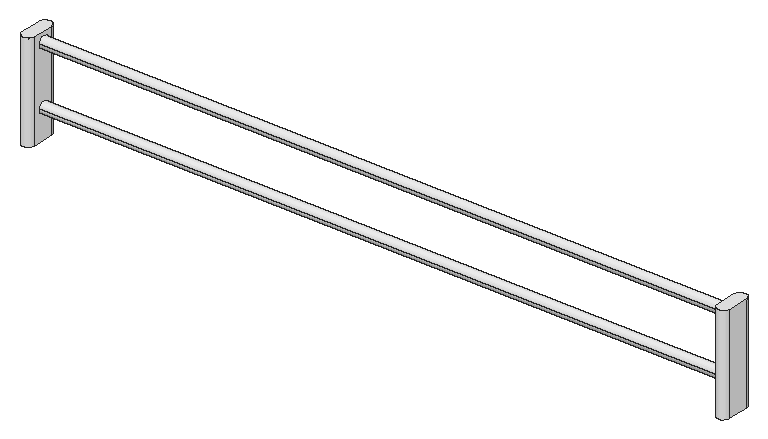
Revit family "Towel Rail-Double-Caroma Track", category Specialty Equipment, host Face, Revit 2014
Parameters (values of type "800mm")
  Width_ANZRS = 110 mm  # constant formula
  URL = "http://specify.caroma.com.au/products/bathroom-accessories/track/track-double-towel-rail--800mm"
  Type Comments = if(Large, "Caroma Track Double Towel Rail - 800mm", "Caroma Track Double Towel Rail - 600mm")  # "Caroma Track Double Towel Rail - 800mm"
  ModifiedIssue_ANZRS = 20150112.01  # constant formula
  Model = if(Large, "90232C", "90226C")  # "90232C"
  Material_ANZRS = Metal-Chrome-Caroma
  Manufacturer = "GWA Bathrooms & Kitchens"  # constant formula
  Length_ANZRS = if(Large, 800 mm, 600 mm)  # 800 mm
  Large = yes
  Height_ANZRS = 38 mm  # constant formula
  Description = "Featuring bold, designer styling and European inspired design, the Track range will lift the feel of any bathroom."  # constant formula
  Default Elevation = 900 mm
  CreatedBy_ANZRS = "Design Content"  # constant formula
  CreatedByURL_ANZRS = "http://www.designcontent.com.au"
  Cost = 0
  Assembly Code = "C1030200"
Types (3, lengths in mm): name | URL | Type Comments | Model | Length_ANZRS | Large
  (no name) | "http://specify.caroma.com.au/products/bathroom-accessories/track/track-double-towel-rail--800mm" | "Caroma Track Double Towel Rail - 800mm" | "90232C" | 800 | yes
  800mm | "http://specify.caroma.com.au/products/bathroom-accessories/track/track-double-towel-rail--800mm" | "Caroma Track Double Towel Rail - 800mm" | "90232C" | 800 | yes
  600mm | "http://specify.caroma.com.au/products/bathroom-accessories/track/track-double-towel-rail--600mm" | "Caroma Track Double Towel Rail - 600mm" | "90226C" | 600 | no
Reference planes
  plane 1 "Center (Elevation)": y = 0
  plane 2 "Back": z = 0
  plane 3 "Center (Left/Right)": x = 0
  plane 4 "Left": x = -400
  plane 5 "Right": x = 400
  plane 6: x = -393
  plane 7: x = 393
Forms (mm)
  Extrusion 1, solid, material "Metal-Chrome-Caroma" <- "Material_ANZRS"
    sketch origin (0, 0, 0) x (1, 0, 0) y (0, 1, 0)
      loop
        line (-400, 12) -> (-400, -12)
        arc (-400, -12) -> (-393, -19) -> (-386, -12) r 7
        line (-386, -12) -> (-386, 12)
        arc (-386, 12) -> (-393, 19) -> (-400, 12) r 7
    from 0 to 110
  Extrusion 2, solid, material "Metal-Chrome-Caroma" <- "Material_ANZRS"
    sketch origin (0, 0, 0) x (-1, 0, 0) y (0, -1, 0)
      loop
        arc (-400, -12) -> (-393, -19) -> (-386, -12) r 7
        line (-386, -12) -> (-386, 12)
        arc (-386, 12) -> (-393, 19) -> (-400, 12) r 7
        line (-400, 12) -> (-400, -12)
    from 0 to 110
  Extrusion 3, solid, material "Metal-Chrome-Caroma" <- "Material_ANZRS"
    sketch origin (-400, 0, 0) x (0, 1, 0) y (0, 0, 1)
      loop
        circle (0, 34) r 6
      loop
        circle (0, 100) r 6
    from 7 to 793
Cuts and joins
  joined: Extrusion 1, Extrusion 2, Extrusion 3
Dimensions and locks
  "Length_ANZRS": plane 4 "Left" to plane 5 "Right"
  equal spacing: plane 4 "Left", plane 3 "Center (Left/Right)", plane 5 "Right"
  locked: plane 4 "Left" to plane 6 at 7
  locked: plane 7 to plane 5 "Right" at 7
  aligned and locked: plane 2 "Back" to host face
  aligned and locked: level to host face
  aligned and locked: Extrusion 3 to plane 6
  aligned and locked: plane 7 to Extrusion 3
Automatic sketch dimensions
  host sketch curve to host sketch curve = 2438.4 mm  (x2)
  Extrusion 1 sketch curve to plane 4 "Left" = 0 mm
  plane 6 to Extrusion 1 sketch curve = 0 mm
  plane 1 "Center (Elevation)" to Extrusion 1 sketch curve = 12 mm
  Extrusion 1 sketch curve to plane 1 "Center (Elevation)" = 12 mm
  Extrusion 2 sketch curve to plane 5 "Right" = 0 mm
  plane 7 to Extrusion 2 sketch curve = 0 mm
  Extrusion 2 sketch curve to plane 1 "Center (Elevation)" = 12 mm
  plane 1 "Center (Elevation)" to Extrusion 2 sketch curve = 12 mm
  Extrusion 3 sketch curve to plane 1 "Center (Elevation)" = 0 mm  (x2)
  level to Extrusion 3 sketch curve = 34 mm
  Extrusion 3 sketch curve to Extrusion 3 sketch curve = 66 mm
  radius of Extrusion 3 sketch curve = 6 mm  (x2)
